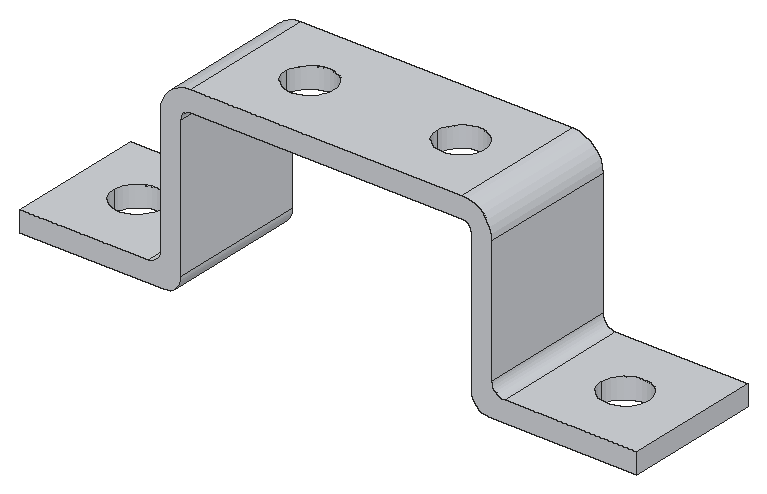
Revit family "MP31", category Generic Models, Revit 2017
Family settings
  Can host rebar = No
  Round Connector Dimension = Use Diameter
  Part Type = Normal
  Work Plane-Based = Yes
  Always vertical = No
  Cut with Voids When Loaded = No
  Shared = No
  Room Calculation Point = No
Parameters (values of type "NBS Standard Parameters")
  Weight = "0.7175Kg"
  WarrantyStartDate [instance] = "1900-12-31T23:59:59"
  WarrantyGuarantorParts = "n/a"
  WarrantyGuarantorLabor = "n/a"
  WarrantyDurationUnit = "1 year"
  WarrantyDurationParts = "n/a"
  WarrantyDurationLabor = "n/a"
  WarrantyDescription = "n/a"
  Version = "1"
  Uniclass2 = "Pr_65_70_11_19"
  TagNumber [instance] = "n/a"
  SustainabilityPerformance = "n/a"
  Size = "41mm"
  Shape = "n/a"
  SerialNumber [instance] = "n/a"
  Revision = "n/a"
  ReplacementCost = "n/a"
  ProductInformation = "www.metpro.co.uk/pdf/mp31.pdf"
  NominalWidth = 40 mm
  NominalLength = 178 mm
  NominalHeight = 47.5 mm
  Name = ""
  NBSTypeID = ""
  NBSReference = "90-55-10/305"
  NBSOfficeMasterTag = ""
  NBSNote = ""
  NBSDescription = "Channel Cable Supports"
  NBSCertification = ""
  ModelReference = "MP31"
  ModelNumber = "n/a"
  Material = "Steel"
  ManufacturerURL = "www.metpro.co.uk"
  ManufacturerName = "Metpro Ltd"
  Keynote = "Compliant to LU standard 1-085"
  InstallationDate [instance] = "1900-12-31T23:59:59"
  IfcExportType = ""
  IfcExportAs = ""
  Grade = "n/a"
  Finish = "Hot Dipped Galvanised"
  Features = "n/a"
  ExpectedLife = "n/a"
  DurationUnit = "year"
  Description = "MP31  - 41mm Side by Side U bracket"
  Default Elevation = 1219.2 mm
  Constituents = "n/a"
  Color = "n/a"
  CodePerformance = "n/a"
  Category = "n/a"
  BarCode [instance] = "n/a"
  BIMObjectName = "Metpro_metprolibrary_channelcablesupports_channelbracket"
  Author = "Metpro Ltd"
  AssetType = ""
  AssetIdentifier [instance] = "n/a"
  AccessibilityPerformance = "n/a"
Reference planes
  plane 1 "Center (Front/Back)": y = 0
  plane 2: z = 0
  plane 3 "Center (Left/Right)": x = 0
Forms (mm)
  Extrusion 1, solid
    sketch origin (-56.825, -339.832, -25.952) x (1, 0, 0) y (0, 0, -1)
      loop
        arc (-17.309, -47.452) -> (-19.212, -46.664) -> (-20, -44.761) r 2.691
        line (-20, -44.761) -> (-20, -3.952)
        arc (-20, -3.952) -> (-21.464, -0.417) -> (-25, 1.048) r 5
        line (-25, 1.048) -> (-66.75, 1.048) -> (-66.75, -4.952) -> (-29.6, -4.952)
        arc (-29.6, -4.952) -> (-27.054, -6.006) -> (-26, -8.552) r 3.6
        line (-26, -8.552) -> (-26, -44.761)
        arc (-26, -44.761) -> (-23.454, -50.906) -> (-17.309, -53.452) r 8.691
        line (-17.309, -53.452) -> (61.3, -53.452)
        arc (61.3, -53.452) -> (67.452, -50.904) -> (70, -44.752) r 8.7
        line (70, -44.752) -> (70, -8.552)
        arc (70, -8.552) -> (71.054, -6.006) -> (73.6, -4.952) r 3.6
        line (73.6, -4.952) -> (112, -4.952) -> (112, 1.048) -> (69, 1.048)
        arc (69, 1.048) -> (65.464, -0.417) -> (64, -3.952) r 5
        line (64, -3.952) -> (64, -44.752)
        arc (64, -44.752) -> (63.209, -46.661) -> (61.3, -47.452) r 2.7
        line (61.3, -47.452) -> (-17.309, -47.452)
    from 0 to 40
  Extrusion 2, void
    sketch origin (-56.028, -339.832, 0) x (0, 1, 0) y (1, 0, 0)
      loop
        circle (20.256, -49.585) r 7
      loop
        circle (20, 91.703) r 7
    from 21 to 27
  Extrusion 3, void
    sketch origin (-74.134, -339.832, 27.5) x (0, 1, 0) y (1, 0, 0)
      loop
        circle (20, 18.559) r 7
      loop
        circle (20, 62.309) r 7
    from 0 to 6
Cuts and joins
  Extrusion 2, Extrusion 3 cuts Extrusion 1
Dimensions and locks
  aligned and locked: level to plane 2
